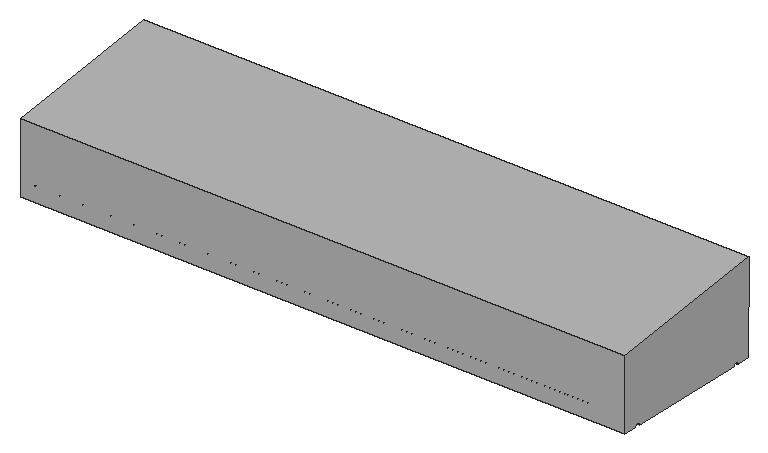
Revit family "WC158 Feather Edge", category Generic Models, Revit 2020
Family settings
  Can host rebar = No
  Round Connector Dimension = Use Diameter
  Part Type = Normal
  Work Plane-Based = No
  Always vertical = Yes
  Cut with Voids When Loaded = No
  Shared = No
  Room Calculation Point = No
Parameters
  Weight = "82Kg"
  Warranty Guarantor Parts = "n/a"
  Warranty Guarantor Labour = "n/a"
  Warranty Duration Unit = "n/a"
  Warranty Duration Parts = "n/a"
  Warranty Duration Labour = "n/a"
  Warranty Description = "n/a"
  Unit Width [instance] = 255 mm
  Unit Length [instance] = 1000 mm
  Unit Height [instance] = 150 mm
  URL = "www.killeshal.com"
  Types = "Single"
  Type Comments = "Visit our website for a full list of available products."
  Sustainability Performance = "n/a"
  Structural Class = "n/a"
  Span = "Unit Length"
  Slope = "0.00°"
  Size = "255mm x 150 to 115mm"
  Shape = "As per drawing"
  Service Life = "0.000000"
  Serial Number = "n/a"
  Resistance to Fire = "n/a"
  Replacement Cost = "n/a"
  Reference = "n/a"
  Notified Body = "n/a"
  Nominal Cover to Main Bar = "n/a"
  Model = "W/C 158 Wall Cap."
  Mechanical Resistance = "n/a"
  Manufacturer = "Killeshal Precast Concrete Ltd."
  Load Bearing = no
  Life Cycle Environmental Load = "n/a"
  Length Options = "Stock size 1000mm."
  Keynote = "The information contained is the sole property of KPC Ltd., any reproduction in part or whole without permission of KPC Ltd. is prohibited."
  Environmental Product Declaration = "n/a"
  Environmental Class = "n/a"
  Durability against Corrosion = "n/a"
  Dimension Accuracy Class = "n/a"
  Detailing = "As per design specification and product drawings."
  Description = "Feather Edge Wall Cap"
  Default Elevation = 0 mm
  Dangerous Substances = "n/a"
  Contact Tel = "0035357 9353018"
  Contact Email = "sales@killeshal.com"
  Construction Type = "Precast"
  Construction Tolerance Class = "n/a"
  Compressive Strength of Concrete = "n/a"
  Characteristics of Reinforcing Steel = "n/a"
  Characteristics Deflection Under Load = "n/a"
Reference planes
  plane 1 "Center (Front/Back)": y = 0
  plane 2: z = 0
  plane 3 "Center (Left/Right)": x = 0
  plane 4 "Top": z = 150
  plane 5 "Center L/T": z = 115
  plane 6 "Center L/W": y = 127.5
  plane 7 "Center L/X": y = -127.5
Forms (mm)
  Extrusion 1, solid, material "Precast Concrete (KPC)"
    sketch origin (0, 0, 0) x (0, 1, 0) y (0, 0, 1)
      loop
        line (-97, 0) -> (97, 0)
        arc (97, 0) -> (102, 5) -> (107, 0) r 5
        line (107, 0) -> (127.5, 0) -> (127.5, 150) -> (-127.5, 115) -> (-127.5, 0) -> (-107, 0)
        arc (-107, 0) -> (-102, 5) -> (-97, 0) r 5
    from 0 to 1000
Dimensions and locks
  "Unit Length": Extrusion 1 to Extrusion 1
  "Unit Width": Extrusion 1 to Extrusion 1
  plane 5 "Center L/T" to Extrusion 1 = 115 mm
  "Unit Height": plane 4 "Top" to Extrusion 1
  aligned and locked: level to plane 2
Automatic sketch dimensions
  Extrusion 1 sketch curve to plane 5 "Center L/T" = 0 mm
  Extrusion 1 sketch curve to plane 7 "Center L/X" = 0 mm
  Extrusion 1 sketch curve to level = 0 mm
  Extrusion 1 sketch curve to plane 6 "Center L/W" = 0 mm
  Extrusion 1 sketch curve to plane 4 "Top" = 0 mm
  plane 7 "Center L/X" to Extrusion 1 sketch curve = 20.5 mm
  Extrusion 1 sketch curve to Extrusion 1 sketch curve = 5 mm  (x2)
  Extrusion 1 sketch curve to Extrusion 1 sketch curve = 30.5 mm
